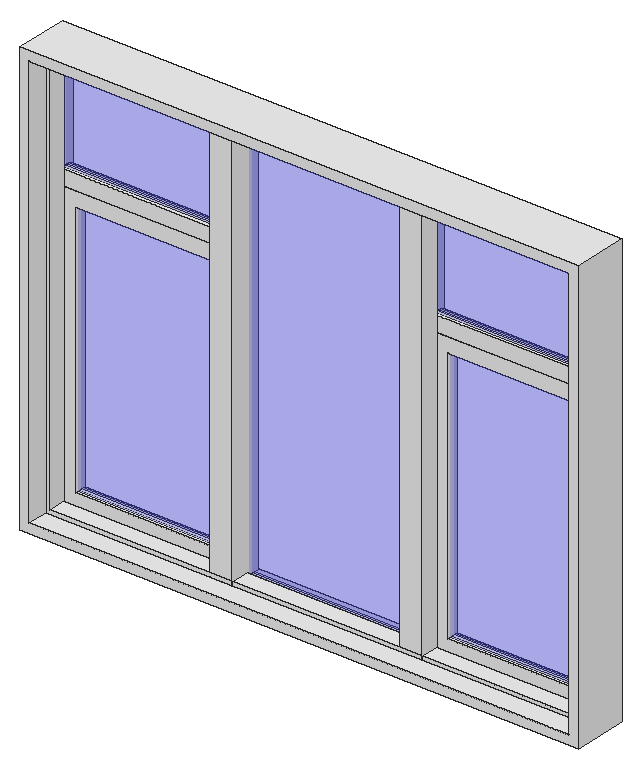
Revit family "M_Janela-batente-triplo-lateral-travessa", category Janelas, Revit 2019
Family settings
  Hospedeiro = Parede
  Número OmniClass = 23.30.20.00
  Título OmniClass = Windows
  Sempre na vertical = Sim
  Corte com vazios quando carregada = Não
  Compartilhado = Não
  Ponto de cálculo do ambiente = Não
Parameters (values of type "1550 x 1200mm")
  Largura da janela = Largura / 3  # 516.667 mm
  Janela aplicada [instance] = 15.875 mm
  Espessura da parede [instance] = 150 mm
  Visual Light Transmittance = 0.81
  Coeficiente da altura da travessa = 0.3
  Resistência térmica (R) = 0.319569 (m²·K)/W
  Solar Heat Gain Coefficient = 0.76
  Largura bruta = Largura + 15 mm  # 1565 mm
  Altura bruta = Altura + 15 mm  # 1215 mm
  Altura da janela aberta = Altura - Altura da travessa  # 840 mm
  Coeficiente de transferência de calor (U) = 3.12929 W/(m²·K)
  Material da moldura = Metal - Alum
  Altura = 1200 mm
  Material do painel de vidro = Vidro
  Altura da travessa = Coeficiente da altura da travessa * Altura  # 360 mm
  Intervalo da moldura 3 [instance] = Intervalo da moldura 1 + 6.4 mm  # 41.9 mm
  Intervalo da moldura 2 [instance] = if(Janela aplicada > 15.9 mm, Janela aplicada, 15.9 mm)  # 15.9 mm
  Intervalo da moldura 1 = 35.5 mm
  Classificação de incêndio = "0.5h"
  Altura-padrão do peitoril = 900 mm
  Fechamento da parede = Por hospedeiro
  Largura = 1550 mm
  Código de montagem = "B2020100"
  Construção analítica = "Vidraça dupla – residencial"
Types (4, lengths in mm): name | Largura da janela | Largura bruta | Altura bruta | Altura da janela aberta | Altura | Altura da travessa | Largura
  (no name) | 516.667 | 1565 | 1215 | 840 | 1200 | 360 | 1550
  1800 x 1350mm | 600 | 1815 | 1365 | 945 | 1350 | 405 | 1800
  1550 x 1200mm | 516.667 | 1565 | 1215 | 840 | 1200 | 360 | 1550
  2150 x 1500mm | 716.667 | 2165 | 1515 | 1050 | 1500 | 450 | 2150
Reference planes
  plane 1 "Centro (Frente/Trás)": y = 0
  plane 2: z = 0
  plane 3 "Centro (Esquerda/Direita)": x = 0
  plane 4 "Esquerda": x = -775
  plane 5 "Direita": x = 775
  plane 6 "Peitoril": z = 900
  plane 7 "Extremidade superior": z = 2100
  plane 8 "Exterior": y = 75
  plane 9 "Interior": y = -75
  plane 10 "Vidro 1": y = 59.125
  plane 11: y = -17.075
  plane 12: x = -749.6
  plane 13: x = 749.6
  plane 14: y = 33.725
  plane 15: x = -739.5
  plane 16: x = 739.5
  plane 17: x = -258.333
  plane 18: x = 258.333
  plane 19: x = -283.733
  plane 20: x = -232.933
  plane 21: x = 232.933
  plane 22: x = 283.733
  plane 23: x = -293.833
  plane 24: x = -222.833
  plane 25: x = 222.833
  plane 26: x = 293.833
  plane 27: z = 2074.6
  plane 28: z = 925.4
  plane 29 "Deslocamento do caixilho": y = 65.475
  plane 30: y = 75.025
  plane 31: x = -707.7
  plane 32: x = -325.633
  plane 33: x = -191.033
  plane 34: x = 191.033
  plane 35: x = 325.633
  plane 36: x = 707.7
  plane 37: z = 935.5
  plane 38: z = 2064.5
  plane 39: z = 1760.95
  plane 40 "Vidro 2": y = 52.775
  plane 41 "Vidro 3": y = 46.425
  plane 42 "Vidro 4": y = 40.075
  plane 43 "Meio": z = 1343.175
  plane 44 "Deslocamento do montante": y = 71.825
  plane 45: z = 1719.05
  plane 46: z = 1740
Forms (mm)
  Sweep 1, solid, material "Metal - Alum" <- "Material da moldura"
    path origin (0, 0, 0) x (1, 0, 0) y (0, 0, 1)
      loop
        line (-775, 900) -> (775, 900) -> (775, 2100) -> (-775, 2100) -> (-775, 900)
    profile origin (-775, 0, 1500) x (-1, 0, 0) y (0, -1, 0)
      loop
        line (-25.4, -75.025) -> (0, -75.025) -> (0, 75) -> (-25.4, 75) -> (-25.4, 17.075) -> (-35.5, 17.075) -> (-35.5, -33.725) -> (-25.4, -33.725) -> (-25.4, -75.025)
  Extrusion 2, solid, material "Metal - Alum" <- "Material da moldura"
    sketch origin (0, 0, 900) x (0, -1, 0) y (1, 0, 0)
      loop
        line (-71.825, -283.733) -> (-33.725, -283.733) -> (-33.725, -293.833) -> (17.075, -293.833) -> (17.075, -232.933) -> (-71.825, -232.933) -> (-71.825, -283.733)
      loop
        line (-71.825, 232.933) -> (17.075, 232.933) -> (17.075, 293.833) -> (-33.725, 293.833) -> (-33.725, 283.733) -> (-71.825, 283.733) -> (-71.825, 232.933)
    from 25.4 to 1174.6
  Sweep 3, solid, material "Metal - Alum" <- "Material da moldura"
    path origin (-474.87, 65.475, 1219.2) x (-1, 0, 0) y (0, 0, 1)
      loop
        line (-1224.47, -293.8) -> (-758.604, -293.8) -> (-758.604, 499.85) -> (-1224.47, 499.85) -> (-1224.47, -293.8)
    profile origin (749.6, 65.475, 1322.225) x (1, 0, 0) y (0, 1, 0)
      loop
        line (-41.9, 0) -> (-41.9, -31.75) -> (0, -31.75) -> (0, 0) -> (-41.9, 0)
  Sweep 4, solid, material "Metal - Alum" <- "Material da moldura"
    path origin (-474.87, 65.475, 1219.2) x (-1, 0, 0) y (0, 0, 1)
      loop
        line (274.73, -293.8) -> (274.73, 499.85) -> (-191.137, 499.85) -> (-191.137, -293.8) -> (274.73, -293.8)
    profile origin (-749.6, 65.475, 1322.225) x (1, 0, 0) y (0, 1, 0)
      loop
        line (0, 0) -> (0, -31.75) -> (41.9, -31.75) -> (41.9, 0) -> (0, 0)
  Extrusion 5, solid, material "Vidro" <- "Material do painel de vidro"
    sketch origin (0, 0, 900) x (0, -1, 0) y (1, 0, 0)
      loop
        line (-59.125, -707.7) -> (-52.775, -707.7) -> (-52.775, -325.633) -> (-59.125, -325.633) -> (-59.125, -707.7)
      loop
        line (-46.425, -707.7) -> (-40.075, -707.7) -> (-40.075, -325.633) -> (-46.425, -325.633) -> (-46.425, -707.7)
      loop
        line (-59.125, 325.633) -> (-52.775, 325.633) -> (-52.775, 707.7) -> (-59.125, 707.7) -> (-59.125, 325.633)
      loop
        line (-46.425, 325.633) -> (-40.075, 325.633) -> (-40.075, 707.7) -> (-46.425, 707.7) -> (-46.425, 325.633)
    from 67.3 to 777.15
  Extrusion 6, solid, material "Metal - Alum" <- "Material da moldura"
    sketch origin (-191.033, 186.465, 1219.2) x (0, 1, 0) y (0, 0, 1)
      loop
        line (-120.99, 541.75) -> (-152.74, 541.75) -> (-152.74, 499.85) -> (-120.99, 499.85) -> (-120.99, 541.75)
    from 474.767 to 940.633
  Extrusion 7, solid, material "Vidro" <- "Material do painel de vidro"
    sketch origin (0, 0, 900) x (0, -1, 0) y (1, 0, 0)
      loop
        line (-59.125, -232.933) -> (-52.775, -232.933) -> (-52.775, 232.933) -> (-59.125, 232.933) -> (-59.125, -232.933)
      loop
        line (-46.425, -232.933) -> (-40.075, -232.933) -> (-40.075, 232.933) -> (-46.425, 232.933) -> (-46.425, -232.933)
    from 25.4 to 1174.6
  Extrusion 8, solid, material "Metal - Alum" <- "Material da moldura"
    sketch origin (-191.033, 186.465, 1219.2) x (0, 1, 0) y (0, 0, 1)
      loop
        line (-120.99, 541.75) -> (-152.74, 541.75) -> (-152.74, 499.85) -> (-120.99, 499.85) -> (-120.99, 541.75)
    from -558.567 to -92.7
  Extrusion 9, solid, material "Vidro" <- "Material do painel de vidro"
    sketch origin (0, 0, 900) x (0, -1, 0) y (1, 0, 0)
      loop
        line (-59.125, -749.6) -> (-52.775, -749.6) -> (-52.775, -283.733) -> (-59.125, -283.733) -> (-59.125, -749.6)
      loop
        line (-46.425, -749.6) -> (-40.075, -749.6) -> (-40.075, -283.733) -> (-46.425, -283.733) -> (-46.425, -749.6)
      loop
        line (-59.125, 283.733) -> (-52.775, 283.733) -> (-52.775, 749.6) -> (-59.125, 749.6) -> (-59.125, 283.733)
      loop
        line (-46.425, 283.733) -> (-40.075, 283.733) -> (-40.075, 749.6) -> (-46.425, 749.6) -> (-46.425, 283.733)
    from 860.95 to 1174.6
Lines and regions (mm)
  Opening 1
    outline origin (-1524, -75, 0) x (1, 0, 0) y (0, 0, 1)
      loop
        line (749, 2100) -> (749, 900) -> (2299, 900) -> (2299, 2100) -> (749, 2100)
  symbolic lines, style "Giro da elevação"
    curve 1: line (283.733, 65.475, 1719.05) -> (749.6, 65.475, 1343.175)
    curve 2: line (749.6, 65.475, 1343.175) -> (283.733, 65.475, 925.4)
    curve 3: line (-283.733, 65.475, 1719.05) -> (-749.6, 65.475, 1343.175)
    curve 4: line (-749.6, 65.475, 1343.175) -> (-283.733, 65.475, 925.4)
Text (mm)
  text "EXTERIOR" at (-1490.695, 1293.036, 0), in view "Nível de referência"
  text "INTERIOR" at (-1490.695, -959.266, 0), in view "Nível de referência"
  text "Exterior" at (0, 1108.87, 3129.179), in view "Esquerda"
  text "Exterior" at (0, 464.664, 3176.206), in view "Direita"
Dimensions and locks
  equal spacing: plane 4 "Esquerda", plane 3 "Centro (Esquerda/Direita)", plane 5 "Direita"
  "Largura": plane 4 "Esquerda" to plane 5 "Direita"
  "Altura": plane 6 "Peitoril" to plane 7 "Extremidade superior"
  "Altura-padrão do peitoril": plane 2 to plane 6 "Peitoril"
  "Janela aplicada": plane 8 "Exterior" to plane 10 "Vidro 1"
  locked: plane 4 "Esquerda" to plane 12 at 25.4
  locked: plane 13 to plane 5 "Direita" at 25.4
  "Intervalo da moldura 1": plane 4 "Esquerda" to plane 15
  "Intervalo da moldura 1": plane 16 to plane 5 "Direita"
  locked: plane 14 to plane 11 at 50.8
  equal spacing: plane 4 "Esquerda", plane 17, plane 18, plane 5 "Direita"
  locked: plane 19 to plane 17 at 25.4
  locked: plane 17 to plane 20 at 25.4
  locked: plane 21 to plane 18 at 25.4
  locked: plane 18 to plane 22 at 25.4
  "Intervalo da moldura 1": plane 23 to plane 17
  "Intervalo da moldura 1": plane 17 to plane 24
  "Intervalo da moldura 1": plane 25 to plane 18
  "Intervalo da moldura 1": plane 18 to plane 26
  locked: plane 7 "Extremidade superior" to plane 27 at 25.4
  locked: plane 28 to plane 6 "Peitoril" at 25.4
  "Intervalo da moldura 2": plane 30 to plane 10 "Vidro 1"
  "Intervalo da moldura 3": plane 12 to plane 31
  "Intervalo da moldura 3": plane 32 to plane 19
  "Intervalo da moldura 3": plane 20 to plane 33
  "Intervalo da moldura 3": plane 34 to plane 21
  "Intervalo da moldura 3": plane 22 to plane 35
  "Intervalo da moldura 3": plane 36 to plane 13
  "Intervalo da moldura 1": plane 6 "Peitoril" to plane 37
  "Intervalo da moldura 1": plane 38 to plane 7 "Extremidade superior"
  "Intervalo da moldura 3": Extrusion 6 sketch curve to Extrusion 6 sketch curve
  locked: plane 10 "Vidro 1" to plane 40 "Vidro 2" at 6.35
  locked: plane 40 "Vidro 2" to plane 41 "Vidro 3" at 6.35
  locked: plane 41 "Vidro 3" to plane 42 "Vidro 4" at 6.35
  locked: plane 10 "Vidro 1" to plane 14 at 25.4
  locked: plane 29 "Deslocamento do caixilho" to plane 10 "Vidro 1" at 6.35
  locked: plane 44 "Deslocamento do montante" to plane 29 "Deslocamento do caixilho" at 6.35
  "Intervalo da moldura 3": plane 45 to plane 39
  equal spacing: plane 28, plane 43 "Meio", plane 39
  "Espessura da parede": host wall to host wall
  equal spacing: plane 45, plane 46, plane 39
  "Altura da travessa": plane 46 to plane 7 "Extremidade superior"
  aligned and locked: plane 7 "Extremidade superior" to Opening 1 sketch curve
  aligned and locked: plane 6 "Peitoril" to Opening 1 sketch curve  (x2)
  aligned and locked: plane 5 "Direita" to Opening 1 sketch curve
  aligned and locked: plane 4 "Esquerda" to Opening 1 sketch curve
  aligned and locked: level to plane 2
  aligned and locked: host wall to plane 8 "Exterior"
  aligned and locked: plane 9 "Interior" to host wall
  aligned and locked: Sweep 1 sketch curve to plane 4 "Esquerda"  (x2)
  aligned and locked: plane 7 "Extremidade superior" to Sweep 1 sketch curve  (x2)
  aligned and locked: plane 5 "Direita" to Sweep 1 sketch curve  (x2)
  aligned and locked: plane 6 "Peitoril" to Sweep 1 sketch curve  (x2)
  aligned and locked: plane 4 "Esquerda" to Sweep 1 sketch curve
  aligned and locked: Sweep 1 sketch curve to plane 14
  aligned and locked: Sweep 1 sketch curve to plane 15
  aligned and locked: plane 11 to Sweep 1 sketch curve  (x2)
  aligned and locked: plane 9 "Interior" to Sweep 1 sketch curve  (x2)
  aligned and locked: plane 12 to Sweep 1 sketch curve  (x2)
  aligned and locked: plane 15 to Sweep 1 sketch curve
  aligned and locked: plane 14 to Sweep 1 sketch curve
  aligned and locked: Extrusion 2 sketch curve to plane 19
  aligned and locked: Extrusion 2 to Sweep 1
  aligned and locked: plane 30 to Sweep 1 sketch curve
  aligned and locked: Sweep 4 sketch curve to plane 19
  aligned and locked: plane 28 to Sweep 4 sketch curve  (x2)
  aligned and locked: plane 12 to Sweep 4 sketch curve  (x2)
  aligned and locked: plane 19 to Sweep 4 sketch curve
  aligned and locked: Sweep 4 sketch curve to profile plane  (x2)
  aligned and locked: plane 14 to Sweep 4 sketch curve
  aligned and locked: Sweep 4 sketch curve to plane 31
  aligned and locked: plane 28 to Sweep 3 sketch curve  (x2)
  aligned and locked: plane 13 to Sweep 3 sketch curve  (x2)
  aligned and locked: plane 22 to Sweep 3 sketch curve  (x2)
  aligned and locked: Sweep 3 sketch curve to profile plane
  aligned and locked: plane 36 to Sweep 3 sketch curve
  aligned and locked: Sweep 3 sketch curve to Sweep 1
  aligned and locked: Sweep 1 to Sweep 3 sketch curve
  aligned and locked: plane 29 "Deslocamento do caixilho" to Extrusion 6 sketch curve
  aligned and locked: Extrusion 6 sketch curve to plane 14
  aligned and locked: plane 10 "Vidro 1" to Extrusion 5 sketch curve  (x2)
  aligned and locked: Extrusion 5 sketch curve to plane 31
  aligned and locked: Extrusion 5 sketch curve to plane 40 "Vidro 2"  (x2)
  aligned and locked: plane 32 to Extrusion 5 sketch curve  (x2)
  aligned and locked: Extrusion 5 sketch curve to plane 41 "Vidro 3"
  aligned and locked: Extrusion 5 sketch curve to plane 42 "Vidro 4"  (x2)
  aligned and locked: Extrusion 5 sketch curve to plane 35  (x2)
  aligned and locked: plane 36 to Extrusion 5 sketch curve  (x2)
  aligned and locked: plane 41 "Vidro 3" to Extrusion 5 sketch curve
  aligned and locked: plane 13 to curve 2
  aligned and locked: plane 43 "Meio" to curve 1
  aligned and locked: plane 22 to curve 2
  aligned and locked: plane 28 to curve 2
  aligned and locked: plane 28 to curve 4
  aligned and locked: plane 19 to curve 4
  aligned and locked: plane 43 "Meio" to curve 4
  aligned and locked: plane 12 to curve 4
  aligned and locked: plane 39 to Extrusion 6
  aligned and locked: plane 44 "Deslocamento do montante" to Extrusion 2  (x2)
  aligned and locked: Extrusion 8 sketch curve to Extrusion 6  (x4)
  aligned and locked: plane 45 to Sweep 4 sketch curve
  aligned and locked: plane 13 to Extrusion 6
  aligned and locked: Extrusion 6 to plane 22
  aligned and locked: Extrusion 5 to Sweep 4  (x2)
  aligned and locked: Extrusion 2 sketch curve to plane 20
  aligned and locked: plane 11 to Extrusion 2 sketch curve  (x4)
  aligned and locked: plane 23 to Extrusion 2 sketch curve
  aligned and locked: Extrusion 2 sketch curve to plane 14
  aligned and locked: plane 20 to Extrusion 2 sketch curve
  aligned and locked: plane 44 "Deslocamento do montante" to Extrusion 2 sketch curve  (x4)
  aligned and locked: plane 19 to Extrusion 2 sketch curve
  aligned and locked: plane 14 to Extrusion 2 sketch curve  (x2)
  aligned and locked: plane 26 to Extrusion 2 sketch curve  (x2)
  aligned and locked: plane 21 to Extrusion 2 sketch curve  (x2)
  aligned and locked: plane 22 to Extrusion 2 sketch curve  (x2)
  aligned and locked: plane 19 to Extrusion 8
  aligned and locked: Extrusion 8 to plane 12
  aligned and locked: plane 10 "Vidro 1" to Extrusion 7 sketch curve
  aligned and locked: Extrusion 7 sketch curve to plane 20  (x2)
  aligned and locked: Extrusion 7 sketch curve to plane 40 "Vidro 2"
  aligned and locked: plane 21 to Extrusion 7 sketch curve  (x2)
  aligned and locked: plane 41 "Vidro 3" to Extrusion 7 sketch curve
  aligned and locked: Extrusion 7 sketch curve to plane 42 "Vidro 4"
  aligned and locked: Extrusion 7 to plane 28
  aligned and locked: plane 27 to Extrusion 7
  aligned and locked: plane 10 "Vidro 1" to Extrusion 9 sketch curve  (x2)
  aligned and locked: Extrusion 9 sketch curve to plane 12  (x2)
  aligned and locked: Extrusion 9 sketch curve to plane 40 "Vidro 2"  (x2)
  aligned and locked: Extrusion 9 sketch curve to Extrusion 2
  aligned and locked: Extrusion 9 sketch curve to plane 41 "Vidro 3"
  aligned and locked: Extrusion 9 sketch curve to plane 42 "Vidro 4"  (x2)
  aligned and locked: plane 19 to Extrusion 9 sketch curve
  aligned and locked: Extrusion 9 sketch curve to plane 22  (x2)
  aligned and locked: plane 13 to Extrusion 9 sketch curve  (x2)
  aligned and locked: plane 41 "Vidro 3" to Extrusion 9 sketch curve
  aligned and locked: plane 27 to Extrusion 9
  aligned and locked: Extrusion 9 to plane 39
  aligned and locked: nested 1 to plane 4 "Esquerda"
  aligned and locked: nested 1 to plane 8 "Exterior"
  aligned and locked: nested 2 to plane 5 "Direita"
  aligned and locked: plane 18 to nested 3
  aligned and locked: nested 3 to plane 8 "Exterior"
  aligned and locked: nested 3 to plane 7 "Extremidade superior"
  aligned and locked: plane 39 to nested 1
  aligned and locked: Sweep 1 sketch curve to plane 30
  aligned and locked: Extrusion 2 to plane 28
  aligned and locked: nested 2 to plane 8 "Exterior"
  aligned and locked: plane 45 to curve 1
  aligned and locked: plane 22 to curve 1
  aligned and locked: plane 45 to curve 3
  aligned and locked: plane 19 to curve 3
Automatic sketch dimensions
  Extrusion 5 sketch curve to plane 31 = 0 mm
  Sweep 3 sketch curve to plane 45 = 0 mm
  Extrusion 9 sketch curve to plane 40 "Vidro 2" = 0 mm
  Extrusion 6 sketch curve to plane 45 = 0 mm
Nested families
  nested 1: "M_Plano-Batente" at (-516.667, 75, 920.95), Janela aplicada <- "Janela aplicada", Largura <- "Largura da janela", Altura <- "Altura da janela aberta", Espessura da parede <- "Espessura da parede", type "M_Plano-Batente"
    with Janela aplicada de 3D 2.875 mm, Janela aplicada 15.875 mm, Largura 516.667 mm, Espessura da parede 150 mm, Linha superior no, Linha à direita no, RH no, Linha à esquerda yes, LH yes, Altura 840 mm, Linha inferior yes
  nested 2: "M_Plano-Batente" at (516.667, 75, 900), Janela aplicada <- "Janela aplicada", Largura <- "Largura da janela", Altura <- "Altura da janela aberta", Espessura da parede <- "Espessura da parede", type "M_Plano-Batente"
    with Janela aplicada de 3D 2.875 mm, Janela aplicada 15.875 mm, Largura 516.667 mm, Espessura da parede 150 mm, Linha superior no, Linha à direita yes, RH yes, Linha à esquerda no, LH no, Altura 840 mm, Linha inferior yes
  nested 3: "M_Plana-fixa_simples" at (0, 75, 1740), Janela aplicada <- "Janela aplicada", Largura <- "Largura da janela", Altura <- "Altura da travessa", Espessura da parede <- "Espessura da parede", type "M_Plana-fixa_simples"
    with Janela aplicada de 3D 2.875 mm, Janela aplicada 15.875 mm, Largura 516.667 mm, Espessura da parede 150 mm, Linha superior yes, Linha à direita no, Linha à esquerda no, Altura 360 mm, Linha inferior no
Definition of nested family "M_Plano-Batente"
  Parameters (values of type "M_Plano-Batente")
    Janela aplicada [instance] = 25 mm
    Janela aplicada de 3D [instance] = if(Janela aplicada - 13 mm < 0 mm, 0 mm, if(Janela aplicada - 13 mm < Espessura da parede - 90 mm, Janela aplicada - 13 mm, Espessura da parede - 90 mm))  # 12 mm
    Width [instance] = 1200 mm
    Espessura da parede [instance] = 150 mm
    Linha superior [instance] = yes
    Linha à direita [instance] = yes
    RH [instance] = yes
    Linha à esquerda [instance] = yes
    LH [instance] = yes
    Height [instance] = 900 mm
    Default Elevation = 1200 mm
    Linha inferior [instance] = yes
    Analytic Construction = "<Nenhum>"
  Reference planes
    plane 1 "Centro (Frente/Trás)": y = 0
    plane 2: z = 0
    plane 3 "Centro (Esquerda/Direita)": x = 0
    plane 4: x = -600
    plane 5: x = 600
    plane 6 "Umbral": y = -100.9
    plane 7: x = -587.3
    plane 8: x = -568.25
    plane 9: y = -12
    plane 10: y = -56.45
    plane 11: y = -34.225
    plane 12: x = -530.15
    plane 13: x = 587.3
    plane 14: x = 568.25
    plane 15: x = 530.15
    plane 16 "Janela aplicada": y = -24.7
    plane 17 "Parede": y = -150
    plane 18: z = 900
    plane 19: z = 887.3
    plane 20: z = 12.7
    plane 21: z = 868.25
    plane 22: z = 31.75
    plane 23: z = 830.15
    plane 24: z = 69.85
  Lines and regions (mm)
    Masking region 1
      outline origin (0, 19.05, 0) x (1, 0, 0) y (0, 1, 0)
        loop
          line (-600, -19.05) -> (-600, -169.05) -> (600, -169.05) -> (600, -19.05) -> (-600, -19.05)
    Masking region 2
      outline origin (0, 0, 0) x (0, 1, 0) y (0, 0, 1)
        loop
          line (0, 900) -> (-150, 900) -> (-150, 0) -> (0, 0) -> (0, 900)
    symbolic lines
      curve 1: line (-587.3, -56.45, 0) -> (-568.25, -56.45, 0)
      curve 2: line (-568.25, -56.45, 0) -> (-568.25, -100.9, 0)
      curve 3: line (-587.3, -12, 0) -> (-587.3, -56.45, 0)
      curve 4: line (-530.15, -12, 0) -> (-530.15, -56.45, 0)
      curve 5: line (-530.15, -56.45, 0) -> (-568.25, -56.45, 0)
      curve 6: line (-530.15, -34.225, 0) -> (530.15, -34.225, 0)
      curve 7: line (587.3, -56.45, 0) -> (568.25, -56.45, 0)
      curve 8: line (568.25, -56.45, 0) -> (568.25, -100.9, 0)
      curve 9: line (587.3, -12, 0) -> (587.3, -56.45, 0)
      curve 10: line (530.15, -12, 0) -> (530.15, -56.45, 0)
      curve 11: line (530.15, -56.45, 0) -> (568.25, -56.45, 0)
      curve 14: line (-600, -100.9, 0) -> (-568.25, -100.9, 0)
      curve 15: line (568.25, -100.9, 0) -> (600, -100.9, 0)
      curve 16: line (568.25, -100.9, 0) -> (-568.25, -100.9, 0)
      curve 17: line (0, -12, 887.3) -> (0, -56.45, 887.3)
      curve 18: line (0, -56.45, 868.25) -> (0, -100.9, 868.25)
      curve 19: line (0, -12, 12.7) -> (0, -56.45, 12.7)
      curve 20: line (0, -56.45, 12.7) -> (0, -56.45, 69.85)
      curve 21: line (0, -56.45, 31.75) -> (0, -100.9, 31.75)
      curve 22: line (0, -12, 900) -> (0, -12, 830.15)
      curve 23: line (0, -12, 830.15) -> (0, -56.45, 830.15)
      curve 24: line (0, -56.45, 69.85) -> (0, -12, 69.85)
      curve 25: line (0, -34.225, 69.85) -> (0, -34.225, 830.15)
      curve 28: line (0, -56.45, 887.3) -> (0, -56.45, 830.15)
      curve 29: line (530.15, -12, 0) -> (600, -12, 0)
      curve 30: line (-530.15, -12, 0) -> (-600, -12, 0)
      curve 31: line (0, -12, 69.85) -> (0, -12, 0)
      curve 32: line (-530.15, -12, 0) -> (530.15, -12, 0)
      curve 33: line (0, -12, 830.15) -> (0, -12, 69.85)
      curve 38: line (0, -100.9, 31.75) -> (0, -100.9, 868.25)
      curve 39: line (0, -100.9, 31.75) -> (0, -100.9, 0)
      curve 40: line (0, -100.9, 900) -> (0, -100.9, 868.25)
    symbolic lines, visible <- "RH"
      curve 12: arc (-587.3, -12, 0) -> (-497.889, 437.5, 0) -> (-243.268, 818.568, 0) r 1174.6
      curve 26: line (587.3, -12, 0) -> (-243.268, 818.568, 0)
    symbolic lines, visible <- "LH"
      curve 13: line (-587.3, -12, 0) -> (243.268, 818.568, 0)
      curve 27: arc (587.3, -12, 0) -> (497.889, 437.5, 0) -> (243.268, 818.568, 0) r 1174.6
    symbolic lines, visible <- "Linha à direita"
      curve 34: line (600, 0, 0) -> (600, -150, 0)
    symbolic lines, visible <- "Linha à esquerda"
      curve 35: line (-600, 0, 0) -> (-600, -150, 0)
    symbolic lines, visible <- "Linha superior"
      curve 36: line (0, 0, 900) -> (0, -150, 900)
    symbolic lines, visible <- "Linha inferior"
      curve 37: line (0, 0, 0) -> (0, -150, 0)
  Dimensions and locks
    "Width": plane 4 to plane 5
    equal spacing: plane 4, plane 3 "Centro (Esquerda/Direita)", plane 5
    plane 4 to plane 7 to plane 8 = 12.7 mm locked, 19.05 mm locked
    equal spacing: plane 9, plane 11, plane 10
    locked: plane 7 to plane 12 at 57.15
    plane 5 to plane 13 to plane 14 = 12.7 mm locked, 19.05 mm locked
    locked: plane 13 to plane 15 at 57.15
    locked: plane 9 to plane 16 "Janela aplicada" at 12.7
    locked: plane 9 to plane 10 at 44.45
    "Espessura da parede": plane 17 "Parede" to plane 1 "Centro (Frente/Trás)"
    "Height": plane 18 to plane 2
    locked: plane 18 to plane 19 at 12.7
    locked: plane 20 to plane 2 at 12.7
    locked: plane 19 to plane 21 at 19.05
    locked: plane 22 to plane 20 at 19.05
    locked: plane 19 to plane 23 at 57.15
    locked: plane 24 to plane 20 at 57.15
    locked: plane 10 to plane 6 "Umbral" at 44.45
    "Janela aplicada de 3D": plane 9 to plane 1 "Centro (Frente/Trás)"
    locked: plane 9 to curve 13 (angle 45.00°)
    angle curve 26 to plane 16 "Janela aplicada" = 45.00°
    aligned and locked: plane 2 to level
    aligned and locked: curve 2 to plane 8
    aligned and locked: curve 1 to plane 10
    aligned and locked: plane 14 to curve 8
    aligned and locked: curve 14 to plane 6 "Umbral"
    aligned and locked: curve 15 to plane 6 "Umbral"
    aligned and locked: plane 21 to curve 18
    aligned and locked: plane 19 to curve 17
    aligned and locked: plane 22 to curve 21
    aligned and locked: plane 10 to curve 20
    aligned and locked: plane 20 to curve 19
    aligned and locked: curve 22 to plane 9
    aligned and locked: plane 23 to curve 23
    aligned and locked: curve 24 to plane 24
    aligned and locked: plane 11 to curve 25
    aligned and locked: plane 13 to curve 27
    aligned and locked: plane 9 to curve 13
    aligned and locked: plane 9 to curve 26
    aligned and locked: plane 5 to curve 29
    aligned and locked: plane 18 to curve 22
    aligned and locked: plane 9 to curve 17
    aligned and locked: plane 9 to curve 19
    aligned and locked: plane 9 to curve 3
    aligned and locked: plane 9 to curve 9
    aligned and locked: curve 28 to plane 10
    aligned and locked: plane 19 to curve 28
    aligned and locked: plane 23 to curve 28
    aligned and locked: plane 4 to curve 30
    aligned and locked: plane 9 to curve 31
    aligned and locked: plane 2 to curve 31
    aligned and locked: curve 32 to plane 9
    aligned and locked: plane 12 to curve 32
    aligned and locked: plane 15 to curve 32
    aligned and locked: plane 24 to curve 33
    aligned and locked: plane 1 "Centro (Frente/Trás)" to curve 34
    aligned and locked: plane 17 "Parede" to curve 34
    aligned and locked: curve 34 to plane 5
    aligned and locked: plane 17 "Parede" to curve 35
    aligned and locked: plane 1 "Centro (Frente/Trás)" to curve 35
    aligned and locked: curve 35 to plane 4
    aligned and locked: plane 17 "Parede" to curve 37
    aligned and locked: plane 1 "Centro (Frente/Trás)" to curve 37
    aligned and locked: curve 37 to plane 2
    aligned and locked: plane 17 "Parede" to curve 36
    aligned and locked: plane 1 "Centro (Frente/Trás)" to curve 36
    aligned and locked: curve 36 to plane 18
    aligned and locked: plane 1 "Centro (Frente/Trás)" to Masking region 1 sketch curve
    aligned and locked: plane 17 "Parede" to Masking region 1 sketch curve
    aligned and locked: plane 4 to Masking region 1 sketch curve
    aligned and locked: Masking region 1 sketch curve to plane 5
    aligned and locked: plane 2 to Masking region 2 sketch curve
    aligned and locked: Masking region 2 sketch curve to plane 18
    aligned and locked: plane 1 "Centro (Frente/Trás)" to Masking region 2 sketch curve
    aligned and locked: plane 17 "Parede" to Masking region 2 sketch curve
    aligned and locked: plane 6 "Umbral" to curve 21
    aligned and locked: plane 6 "Umbral" to curve 18
    aligned and locked: plane 10 to curve 18
    aligned and locked: plane 10 to curve 21
    aligned and locked: plane 22 to curve 39
    aligned and locked: plane 21 to curve 40
    aligned and locked: plane 6 "Umbral" to curve 40
  Automatic sketch dimensions
    curve 3 to plane 7 = 0 mm
    curve 27 to plane 7 = 0 mm
    curve 12 to plane 13 = 0 mm
    curve 7 to plane 10 = 0 mm
    curve 6 to plane 11 = 0 mm
Definition of nested family "M_Plana-fixa_simples"
  Parameters (values of type "M_Plana-fixa_simples")
    Janela aplicada [instance] = 25 mm
    Janela aplicada de 3D [instance] = if(Janela aplicada - 13 mm < 0 mm, 0 mm, if(Janela aplicada - 13 mm < Espessura da parede - 90 mm, Janela aplicada - 13 mm, Espessura da parede - 90 mm))  # 12 mm
    Width [instance] = 1200 mm
    Espessura da parede [instance] = 150 mm
    Linha superior [instance] = yes
    Linha à direita [instance] = yes
    Linha à esquerda [instance] = yes
    Height [instance] = 900 mm
    Default Elevation = 1200 mm
    Linha inferior [instance] = yes
    Analytic Construction = "<Nenhum>"
  Reference planes
    plane 1 "Centro (Frente/Trás)": y = 0
    plane 2: z = 0
    plane 3 "Centro (Esquerda/Direita)": x = 0
    plane 4: x = -600
    plane 5: x = 600
    plane 6 "Umbral": y = -100.9
    plane 7: x = -587.3
    plane 8: y = -12
    plane 9: y = -56.45
    plane 10: y = -34.225
    plane 11: x = 587.3
    plane 12 "Janela aplicada": y = -24.7
    plane 13 "Parede": y = -150
    plane 14: z = 900
    plane 15: z = 887.3
    plane 16: z = 12.7
    plane 17: z = 868.25
    plane 18: z = 31.75
    plane 19: z = 830.15
    plane 20: z = 69.85
  Lines and regions (mm)
    Masking region 1
      outline origin (0, 19.05, 0) x (1, 0, 0) y (0, 1, 0)
        loop
          line (-600, -19.05) -> (-600, -169.05) -> (600, -169.05) -> (600, -19.05) -> (-600, -19.05)
    Masking region 2
      outline origin (0, 0, 0) x (0, 1, 0) y (0, 0, 1)
        loop
          line (-150, 0) -> (0, 0) -> (0, 900) -> (-150, 900) -> (-150, 0)
    symbolic lines
      curve 1: line (-587.3, -12, 0) -> (-587.3, -100.9, 0)
      curve 2: line (-587.3, -34.225, 0) -> (587.3, -34.225, 0)
      curve 3: line (587.3, -12, 0) -> (587.3, -100.9, 0)
      curve 4: line (-600, -100.9, 0) -> (-587.3, -100.9, 0)
      curve 5: line (587.3, -100.9, 0) -> (600, -100.9, 0)
      curve 6: line (587.3, -100.9, 0) -> (-587.3, -100.9, 0)
      curve 7: line (0, -12, 887.3) -> (0, -100.9, 887.3)
      curve 8: line (0, -100.9, 12.7) -> (0, -100.9, 887.3)
      curve 9: line (0, -12, 12.7) -> (0, -100.9, 12.7)
      curve 10: line (0, -12, 900) -> (0, -12, 887.3)
      curve 11: line (0, -34.225, 12.7) -> (0, -34.225, 887.3)
      curve 12: line (587.3, -12, 0) -> (600, -12, 0)
      curve 13: line (-587.3, -12, 0) -> (-600, -12, 0)
      curve 14: line (0, -12, 12.7) -> (0, -12, 0)
      curve 15: line (-587.3, -12, 0) -> (587.3, -12, 0)
      curve 16: line (0, -12, 12.7) -> (0, -12, 887.3)
      curve 17: line (0, -100.9, 12.7) -> (0, -100.9, 0)
      curve 18: line (0, -100.9, 887.3) -> (0, -100.9, 900)
    symbolic lines, visible <- "Linha à esquerda"
      curve 19: line (-600, 0, 0) -> (-600, -150, 0)
    symbolic lines, visible <- "Linha à direita"
      curve 20: line (600, 0, 0) -> (600, -150, 0)
    symbolic lines, visible <- "Linha superior"
      curve 21: line (0, 0, 900) -> (0, -150, 900)
    symbolic lines, visible <- "Linha inferior"
      curve 22: line (0, 0, 0) -> (0, -150, 0)
  Dimensions and locks
    "Width": plane 4 to plane 5
    equal spacing: plane 4, plane 3 "Centro (Esquerda/Direita)", plane 5
    locked: plane 4 to plane 7 at 12.7
    equal spacing: plane 8, plane 10, plane 9
    locked: plane 5 to plane 11 at 12.7
    locked: plane 8 to plane 12 "Janela aplicada" at 12.7
    locked: plane 8 to plane 9 at 44.45
    "Espessura da parede": plane 13 "Parede" to plane 1 "Centro (Frente/Trás)"
    "Height": plane 14 to plane 2
    locked: plane 14 to plane 15 at 12.7
    locked: plane 16 to plane 2 at 12.7
    locked: plane 15 to plane 17 at 19.05
    locked: plane 18 to plane 16 at 19.05
    locked: plane 15 to plane 19 at 57.15
    locked: plane 20 to plane 16 at 57.15
    locked: plane 9 to plane 6 "Umbral" at 44.45
    "Janela aplicada de 3D": plane 8 to plane 1 "Centro (Frente/Trás)"
    aligned and locked: plane 2 to level
    aligned and locked: Masking region 1 sketch curve to plane 13 "Parede"
    aligned and locked: curve 4 to plane 6 "Umbral"
    aligned and locked: curve 5 to plane 6 "Umbral"
    aligned and locked: plane 1 "Centro (Frente/Trás)" to Masking region 1 sketch curve  (x2)
    aligned and locked: plane 13 "Parede" to Masking region 2 sketch curve  (x2)
    aligned and locked: plane 6 "Umbral" to curve 8
    aligned and locked: plane 15 to curve 7
    aligned and locked: plane 16 to curve 9
    aligned and locked: curve 10 to plane 8
    aligned and locked: plane 10 to curve 11
    aligned and locked: plane 5 to curve 12
    aligned and locked: plane 14 to curve 10
    aligned and locked: plane 8 to curve 7
    aligned and locked: plane 4 to curve 13
    aligned and locked: plane 8 to curve 14
    aligned and locked: plane 2 to curve 14
    aligned and locked: curve 1 to plane 7
    aligned and locked: plane 11 to curve 3
    aligned and locked: curve 15 to plane 8
    aligned and locked: curve 18 to plane 6 "Umbral"
    aligned and locked: plane 4 to Masking region 1 sketch curve
    aligned and locked: Masking region 1 sketch curve to plane 5
    aligned and locked: plane 14 to Masking region 2 sketch curve
    aligned and locked: Masking region 2 sketch curve to plane 2
    aligned and locked: plane 13 "Parede" to Masking region 1 sketch curve
    aligned and locked: plane 1 "Centro (Frente/Trás)" to curve 19
    aligned and locked: plane 13 "Parede" to curve 19
    aligned and locked: curve 19 to plane 4
    aligned and locked: plane 1 "Centro (Frente/Trás)" to curve 20
    aligned and locked: plane 13 "Parede" to curve 20
    aligned and locked: curve 20 to plane 5
    aligned and locked: plane 1 "Centro (Frente/Trás)" to Masking region 2 sketch curve
    aligned and locked: plane 1 "Centro (Frente/Trás)" to curve 21
    aligned and locked: plane 13 "Parede" to curve 21
    aligned and locked: curve 21 to plane 14
    aligned and locked: plane 1 "Centro (Frente/Trás)" to curve 22
    aligned and locked: plane 13 "Parede" to curve 22
    aligned and locked: curve 22 to plane 2
  Automatic sketch dimensions
    curve 2 to plane 10 = 0 mm
